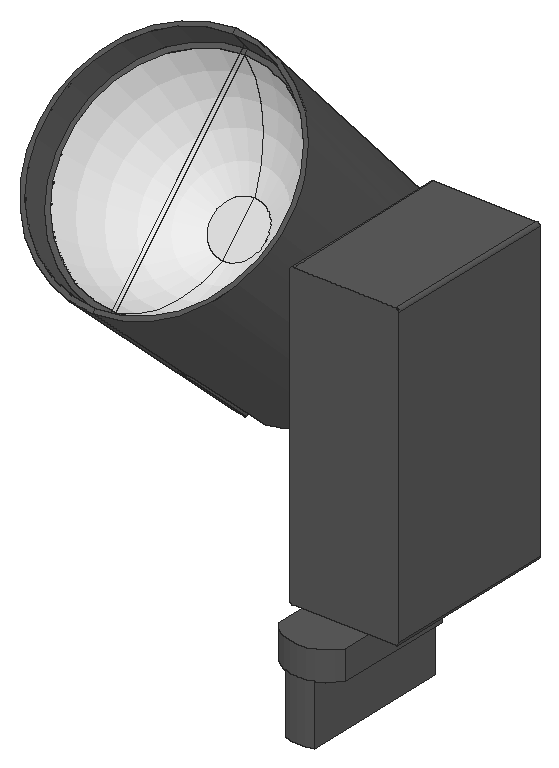
Revit family "0004844 Feilo Sylvania Lighting Fixture START TRACK SPOT L 55W 3K RA80 NB BLACK", category Lighting Fixtures, host Face, Revit 2017
Family settings
  Host = Face
  Round Connector Dimension = Use Diameter
  Part Type = Normal
  OmniClass Number = 23.80.70.00
  OmniClass Title = Lighting
  Cut with Voids When Loaded = No
  Light Source = No
  Shared = No
  Room Calculation Point = No
Parameters (values of type "0004844 START TRACK SPOT L 55W 3K RA80 NB BLACK")
  Weight = "1.398 kg"
  Wattage Comments = ""
  WarrantyStartDate [instance] = "n/a"
  WarrantyGuarantorParts = "n/a"
  WarrantyDurationUnit = "n/a"
  WarrantyDurationParts = "n/a"
  WarrantyDescription = "n/a"
  Voltage = 230 V
  URL = "http://www.sylvania-lighting.com"
  TypeName = "START TRACK SPOT L 55W 3K RA80 NB BLACK"
  TypeHead_FEILO = Start Track Spot Head : 0004844 START TRACK SPOT L 55W 3K RA80 NB BLACK
  TypeBox_FEILO = Start Track Spot Box : Type Large Black
  Type Image = <None>
  Type Comments = "n/a"
  VerticalRotation_FEILO [instance] = 0.00°
  SlideEndAngle_FEILO [instance] = VerticalRotation_FEILO + 180.00°  # 180.00°
  SerialNumber [instance] = "n/a"
  Material_3_FEILO = none
  PowerFactor = 0.96
  PowerConsumption = "55 W"
  NominalLength = 0 mm
  NominalHeight = 240 mm
  NominalDepth = 164 mm
  Name = "START TRACK SPOT L 55W 3K RA80 NB BLACK"
  ModelReference = Name  # "START TRACK SPOT L 55W 3K RA80 NB BLACK"
  ModelNumber = "0004844"
  Model = Name  # "START TRACK SPOT L 55W 3K RA80 NB BLACK"
  Material = "adc12 aluminium housing, polycarbonate diffuser"
  ManufacturerName = "Feilo Sylvania"
  Manufacturer = "Feilo Sylvania"
  LuminousEfficacy = "99 lm/W"
  LuminaireType = ""
  LightOutputRatio = "100"
  LampsType = Lamp  # "LED"
  LampNominalLuminous = "5449 lm"
  LampMacAdamStep = "3"
  LampColourTemperature = "3000 K"
  LampColourRenderingIndex = "80"
  Lamp = "LED"
  Keynote = "16500"
  InstallationDate [instance] = "n/a"
  InputVoltage = "230-240V~"
  InputNominalFrequency = "50/60 Hz"
  IngressProtection = "IP20"
  ImpactProtectionIndex = "IK02"
  IfcExportType = "IfcLightFixtureType"
  IfcExportAs = "IfcLightFixtureType"
  HorizontalRotation_FEILO [instance] = 45.00°
  ExpectedLife = 50000
  ElectricShockClassification = "Class II"
  DurationUnit = "hours"
  DocumentationLiterature = "http://www.sylvania-lighting.com/product/en-int/products/0004844"
  DimmingControlOptions = "Non dimmable"
  Material_2_FEILO = none
  Description = "Integrated LED spotlight, Textured Black - RAL9005, compact and minimalist design, ideal for retail applications, die-cast aluminium body, passive cooling heatsink. Beam angle: 15°, color temperature: 3000K , total system power: 55W, total fixture output: 5449 lm, LOR: 100%, colour rendering: Ra: 80 typical, LED Chromaticity: 3 step MacAdam ellipse, lifetime: >50000 hours at L70B50, energy class: A++, A+, A, IR/UV free light source without heat radiation, operating voltage: 220-240V / 50-60Hz, drive current: 1400mA, electronic driver, non-dimmable, power factor: 0.96, electrical protection: Class II, Global Track 3 Phase adapter suitable for Global trac 3-circuit tracks, ingress protection rating: IP20, suitable for internal environment only, horizontal rotation: 355°, vertical tilt: 90°, dimensions: Ø113x164x240, weight: 1.398kg."
  Default Elevation = 1219.2 mm
  CreatedOn = "12/12/2017"
  CreatedBy = ""
  Cost = 0
  built-in parameter 1114216 [instance] = (empty or 0)
  ClassificationValue = "EF_70_80"
  ClassificationName = "Uniclass2015"
  Material_1_FEILO = Body-Sylvania-StartTrackSpot-Black
  BarCode [instance] = "n/a"
  AssetType = "Fixed"
  AssetIdentifier [instance] = "n/a"
  Assembly Code = "D5020200"
  Apparent Load = 55 VA
  Material_4_FEILO = none
Reference planes
  plane 1 "Center (Front/Back)": y = 0
  plane 2: z = 0
  plane 3 "Center (Left/Right)": x = 0
  plane 4: x = 15
  plane 5: x = -15
  plane 6: y = 35
  plane 7: y = -35
  plane 8: z = 13
  plane 9: z = -27
  plane 10: x = 6.5
  plane 11: x = -6.5
  plane 12: y = 27
  plane 13: y = -27
  plane 14: y = 20
Forms (mm)
  Extrusion 1, solid, material "Body-Sylvania-StartTrackSpot-Black" <- "Material_1_FEILO"
    sketch origin (0, 0, 0) x (1, 0, 0) y (0, 1, 0)
      loop
        line (-15, 27) -> (-15, -27)
        arc (-15, -27) -> (0, -35) -> (15, -27) r 18.062
        line (15, -27) -> (15, 27)
        arc (15, 27) -> (0, 35) -> (-15, 27) r 18.062
    from 0 to 13
  Extrusion 2, solid, material "Body-Sylvania-StartTrackSpot-Black" <- "Material_1_FEILO"
    sketch origin (0, 0, 0) x (1, 0, 0) y (0, 1, 0)
      loop
        arc (6.5, 33.79) -> (0, 35) -> (-6.5, 33.79) r 18.062
        line (-6.5, 33.79) -> (-6.5, -33.79)
        arc (-6.5, -33.79) -> (0, -35) -> (6.5, -33.79) r 18.062
        line (6.5, -33.79) -> (6.5, 33.79)
    from 0 to -27
  Revolve 3, solid, not visible
    sketch origin (1524, 20, 1219.2) x (1, 0, 0) y (0, 0, 1)
      loop
        line (-1524, -1206.2) -> (-1524, -1191.285) -> (-1530.5, -1191.285) -> (-1530.5, -1206.2) -> (-1524, -1206.2)
      axis (-1524, -1191.285) -> (-1524, -1206.2)
    angle from 0 <- "VerticalRotation_FEILO" to 180 <- "SlideEndAngle_FEILO"
Cuts and joins
  joined: Extrusion 1, Extrusion 2
Dimensions and locks
  equal spacing: plane 10, plane 3 "Center (Left/Right)", plane 11
  equal spacing: plane 4, plane 3 "Center (Left/Right)", plane 5
  locked: plane 8 to plane 2 at 13
  locked: plane 8 to plane 9 at 40
  equal spacing: plane 13, plane 1 "Center (Front/Back)", plane 12
  locked: plane 12 to plane 6 at 8
  locked: plane 14 to plane 6 at 15
  locked: Revolve 3 sketch curve to plane 8 at 14.915
  aligned and locked: plane 2 to host face
  aligned and locked: level to host face
  aligned and locked: plane 5 to Extrusion 1 sketch curve  (x2)
  aligned and locked: plane 12 to Extrusion 1 sketch curve
  aligned and locked: plane 13 to Extrusion 1 sketch curve
  aligned and locked: plane 4 to Extrusion 1 sketch curve
  aligned and locked: Extrusion 1 to plane 8
  aligned and locked: Extrusion 1 to level
  aligned and locked: Extrusion 2 sketch curve to Extrusion 1  (x2)
  aligned and locked: Extrusion 2 sketch curve to plane 11
  aligned and locked: plane 10 to Extrusion 2 sketch curve
  aligned and locked: plane 9 to Extrusion 2
  aligned and locked: level to Extrusion 2
  aligned and locked: Revolve 3 sketch curve to plane 3 "Center (Left/Right)"  (x2)
  aligned and locked: plane 11 to Revolve 3 sketch curve
  aligned and locked: Revolve 3 sketch curve to plane 8
Automatic sketch dimensions
  host sketch curve to host sketch curve = 2438.4 mm  (x2)
  Extrusion 1 sketch curve to plane 3 "Center (Left/Right)" = 0 mm  (x2)
  Extrusion 1 sketch curve to plane 13 = 10.062 mm
  plane 12 to Extrusion 1 sketch curve = 10.062 mm
  Revolve 3 sketch curve to plane 3 "Center (Left/Right)" = 0 mm
  plane 9 to Revolve 3 sketch curve = 582.6 mm
  Revolve 3 sketch curve to Revolve 3 sketch curve = 2581.144 mm
Nested families
  nested 1: "Start Track Spot Head" at (-75.5, 20, 133) x (0, 0.7071, 0.7071) z (0, 0.7071, -0.7071), type <- "TypeHead_FEILO", type "0004844 START TRACK SPOT L 55W 3K RA80 NB BLACK"
    with built-in parameter 1114216 (empty or 0)
  nested 2: "Start Track Spot Box" at (8.5, 20, 85) x (-1, 0, 0) z (0, -1, 0), BoxStartAngle_FEILO <- "HorizontalRotation_FEILO", type <- "TypeBox_FEILO", type "Type Large Black"
    with BoxStartAngle_FEILO 45.00°, BoxEndAngle_FEILO -135.00°
Connectors
  electrical at (0, 0, 0), driven by "Apparent Load", driven by "PowerFactor", driven by "Voltage"
    settings: index 1, voltage 230 V, apparent load 55 VA, apparent load phase1 0 VA, apparent load phase2 0 VA, apparent load phase3 0 VA, power factor 0.96, load classification "Lighting", number of poles 1, system type 30, power factor state 1, is connector primary yes, connector utility no, sub classification motor no, connector description ""
Definition of nested family "Start Track Spot Head"
  Parameters (values of type "0004811 START TRACK SPOT S 14W 3K RA80 NB WHITE")
    Wattage Comments = "n/a"
    Wattage = 14 W
    built-in parameter 1150110 = 1 (stored number, unit not read)
    URL = "http://www.feilosylvania.com"
    Type Image = (empty or 0)
    Type Comments = "n/a"
    built-in parameter 1114217 = 1 (stored number, unit not read)
    Tilt Angle = -90.00°
    built-in parameter 1150109 = 1 (stored number, unit not read)
    built-in parameter 1150134 = (empty or 0)
    built-in parameter 1150113 = 1 (stored number, unit not read)
    Photometric Web File = "0004811.ies"
    Material_3_FEILO = none
    Model = "START TRACK SPOT S 14W 3K RA80 NB WHITE"
    Manufacturer = "Feilo Sylvania"
    built-in parameter 1150105 = 123.66 (stored number, unit not read)
    Lumens = 1554 lm
    built-in parameter 1150115 = 1 (stored number, unit not read)
    built-in parameter 1150137 = (empty or 0)
    built-in parameter 1150139 = (empty or 0)
    built-in parameter 1150112 = 1 (stored number, unit not read)
    built-in parameter 1150114 = 1 (stored number, unit not read)
    Lamp = "LED"
    Keynote = "16500"
    Material_2_FEILO = none
    built-in parameter 1150132 = (empty or 0)
    built-in parameter 1150102 = (empty or 0)
    built-in parameter 1150107 = 3000 (stored number, unit not read)
    built-in parameter 1150138 = (empty or 0)
    built-in parameter 1150106 = 1.2366 (stored number, unit not read)
    HeadThickness_FEILO = if(HeadDiaOut_FEILO > 112 mm, 2 mm, 1.5 mm)  # 1.5 mm
    HeadRibOffset_FEILO = HeadHeight_FEILO / 28  # 4.179 mm
    HeadRibDepth_FEILO = HeadHeight_FEILO / 2.1  # 55.714 mm
    HeadRibCutWidth_FEILO = HeadDiaOut_FEILO / 12  # 7.167 mm
    HeadRibCutOffset_FEILO = HeadHeight_FEILO / 2.3  # 50.87 mm
    HeadReflectorRadius_FEILO = HeadDiaOut_FEILO / 1.7  # 50.588 mm
    HeadReflectorOffset_FEILO = HeadHeight_FEILO / 2.1  # 55.714 mm
    HeadLEDRadius_FEILO = HeadDiaOut_FEILO / 9  # 9.556 mm
    HeadHeight_FEILO = 117 mm
    HeadDraft_FEILO = 1 mm
    HeadDiffusorThickness_FEILO = 3 mm
    HeadDiffusorOffset_FEILO = HeadHeight_FEILO / 12.4  # 9.435 mm
    HeadDiaOut_FEILO = 86 mm
    HeadDiaIn_FEILO = HeadDiaOut_FEILO / 1.11  # 77.477 mm
    HeadAxisFromTop_FEILO = HeadHeight_FEILO / 1.687  # 69.354 mm
    Emit from Circle Diameter = HeadDiaIn_FEILO  # 77.477 mm
    Emit Shape Visible in Rendering = no
    built-in parameter 1150104 = 10.312 (stored number, unit not read)
    Dimming Lamp Color Temperature Shift = (empty or 0)
    Description = "Integrated LED spotlight, Textured White - RAL9016, compact and minimalist design, ideal for retail applications, die-cast aluminium body, passive cooling heatsink. Beam angle: 12°, color temperature: 3000K , total system power: 14W, total fixture output: 1551 lm, LOR: 100%, colour rendering: Ra: 80 typical, LED Chromaticity: 3 step MacAdam ellipse, lifetime: >50000 hours at L70B50, energy class: A++, A+, A, IR/UV free light source without heat radiation, operating voltage: 220-240V / 50-60Hz, drive current: 350mA, electronic driver, non-dimmable, power factor: 0.92, electrical protection: Class II, Global Track 3 Phase adapter suitable for Global trac 3-circuit tracks, ingress protection rating: IP20, suitable for internal environment only, horizontal rotation: 355°, vertical tilt: 90°, dimensions: Ø86x140x200, weight: 0.940kg."
    Default Elevation = 1219.2 mm
    Cost = 0
    Color Filter = 16777215
    built-in parameter 1114216 [instance] = (empty or 0)
    Material_1_FEILO = none
    built-in parameter 1114218 = 1 (stored number, unit not read)
    built-in parameter 1150133 = 10 (stored number, unit not read)
    Assembly Code = "D5020200"
    Apparent Load = 14 VA
    Material_4_FEILO = none
  Types (96, lengths in mm): name | Wattage | built-in parameter 1150134 | Photometric Web File | Model | built-in parameter 1150105 | Lumens | built-in parameter 1150107 | built-in parameter 1150106 | HeadThickness_FEILO | HeadRibOffset_FEILO | HeadRibDepth_FEILO | HeadRibCutWidth_FEILO | HeadRibCutOffset_FEILO | HeadReflectorRadius_FEILO | HeadReflectorOffset_FEILO | HeadLEDRadius_FEILO | HeadHeight_FEILO | HeadDiffusorOffset_FEILO | HeadDiaOut_FEILO | HeadDiaIn_FEILO | HeadAxisFromTop_FEILO | Emit from Circle Diameter | built-in parameter 1150104 | Description | Apparent Load
    0004906 START TRACK SPOT L 55W 4K RA90 WB BLACK | 55 W | 12 | "0004906.ies" | "START TRACK SPOT L 55W 4K RA90 WB BLACK" | 385.15 (stored number, unit not read) | 4840 lm | 4000 (stored number, unit not read) | 3.8515 (stored number, unit not read) | 2 | 4.429 | 59.048 | 9.417 | 53.913 | 66.471 | 59.048 | 12.556 | 124 | 10 | 113 | 101.802 | 73.503 | 101.802 | 8.1755 (stored number, unit not read) | "Integrated LED spotlight, Textured Black - RAL9005, compact and minimalist design, ideal for retail applications, die-cast aluminium body, passive cooling heatsink. Beam angle: 52°, color temperature: 4000K , total system power: 55W, total fixture output: 4824 lm, LOR: 100%, colour rendering: Ra: 90 typical, LED Chromaticity: 3 step MacAdam ellipse, lifetime: >50000 hours at L70B50, energy class: A++, A+, A, IR/UV free light source without heat radiation, operating voltage: 220-240V / 50-60Hz, drive current: 1400mA, electronic driver, non-dimmable, power factor: 0.96, electrical protection: Class II, Global Track 3 Phase adapter suitable for Global trac 3-circuit tracks, ingress protection rating: IP20, suitable for internal environment only, horizontal rotation: 355°, vertical tilt: 90°, dimensions: Ø113x164x240, weight: 1.398kg." | 55 VA
    0004905 START TRACK SPOT L 55W 4K RA90 MB BLACK | 55 W | 12 | "0004905.ies" | "START TRACK SPOT L 55W 4K RA90 MB BLACK" | 389.53 (stored number, unit not read) | 4895 lm | 4000 (stored number, unit not read) | 3.8953 (stored number, unit not read) | 2 | 4.429 | 59.048 | 9.417 | 53.913 | 66.471 | 59.048 | 12.556 | 124 | 10 | 113 | 101.802 | 73.503 | 101.802 | 8.2684 (stored number, unit not read) | "Integrated LED spotlight, Textured Black - RAL9005, compact and minimalist design, ideal for retail applications, die-cast aluminium body, passive cooling heatsink. Beam angle: 38°, color temperature: 4000K , total system power: 55W, total fixture output: 4897 lm, LOR: 100%, colour rendering: Ra: 90 typical, LED Chromaticity: 3 step MacAdam ellipse, lifetime: >50000 hours at L70B50, energy class: A++, A+, A, IR/UV free light source without heat radiation, operating voltage: 220-240V / 50-60Hz, drive current: 1400mA, electronic driver, non-dimmable, power factor: 0.96, electrical protection: Class II, Global Track 3 Phase adapter suitable for Global trac 3-circuit tracks, ingress protection rating: IP20, suitable for internal environment only, horizontal rotation: 355°, vertical tilt: 90°, dimensions: Ø113x164x240, weight: 1.398kg." | 55 VA
    0004904 START TRACK SPOT L 55W 4K RA90 NB BLACK | 55 W | 12 | "0004904.ies" | "START TRACK SPOT L 55W 4K RA90 NB BLACK" | 393.91 (stored number, unit not read) | 4950 lm | 4000 (stored number, unit not read) | 3.9391 (stored number, unit not read) | 2 | 4.429 | 59.048 | 9.417 | 53.913 | 66.471 | 59.048 | 12.556 | 124 | 10 | 113 | 101.802 | 73.503 | 101.802 | 8.3613 (stored number, unit not read) | "Integrated LED spotlight, Textured Black - RAL9005, compact and minimalist design, ideal for retail applications, die-cast aluminium body, passive cooling heatsink. Beam angle: 15°, color temperature: 4000K , total system power: 55W, total fixture output: 4965 lm, LOR: 100%, colour rendering: Ra: 90 typical, LED Chromaticity: 3 step MacAdam ellipse, lifetime: >50000 hours at L70B50, energy class: A++, A+, A, IR/UV free light source without heat radiation, operating voltage: 220-240V / 50-60Hz, drive current: 1400mA, electronic driver, non-dimmable, power factor: 0.96, electrical protection: Class II, Global Track 3 Phase adapter suitable for Global trac 3-circuit tracks, ingress protection rating: IP20, suitable for internal environment only, horizontal rotation: 355°, vertical tilt: 90°, dimensions: Ø113x164x240, weight: 1.398kg." | 55 VA
    0004903 START TRACK SPOT L 35W 4K RA90 WB BLACK | 35 W | 12 | "0004903.ies" | "START TRACK SPOT L 35W 4K RA90 WB BLACK" | 284.09 (stored number, unit not read) | 3570 lm | 4000 (stored number, unit not read) | 2.8409 (stored number, unit not read) | 2 | 4.429 | 59.048 | 9.417 | 53.913 | 66.471 | 59.048 | 12.556 | 124 | 10 | 113 | 101.802 | 73.503 | 101.802 | 9.4761 (stored number, unit not read) | "Integrated LED spotlight, Textured Black - RAL9005, compact and minimalist design, ideal for retail applications, die-cast aluminium body, passive cooling heatsink. Beam angle: 52°, color temperature: 4000K , total system power: 35W, total fixture output: 3562 lm, LOR: 100%, colour rendering: Ra: 90 typical, LED Chromaticity: 3 step MacAdam ellipse, lifetime: >50000 hours at L70B50, energy class: A++, A+, A, IR/UV free light source without heat radiation, operating voltage: 220-240V / 50-60Hz, drive current: 900mA, electronic driver, non-dimmable, power factor: 0.93, electrical protection: Class II, Global Track 3 Phase adapter suitable for Global trac 3-circuit tracks, ingress protection rating: IP20, suitable for internal environment only, horizontal rotation: 355°, vertical tilt: 90°, dimensions: Ø113x164x240, weight: 1.368kg." | 35 VA
    0004902 START TRACK SPOT L 35W 4K RA90 MB BLACK | 35 W | 12 | "0004902.ies" | "START TRACK SPOT L 35W 4K RA90 MB BLACK" | 286.88 (stored number, unit not read) | 3605 lm | 4000 (stored number, unit not read) | 2.8688 (stored number, unit not read) | 2 | 4.429 | 59.048 | 9.417 | 53.913 | 66.471 | 59.048 | 12.556 | 124 | 10 | 113 | 101.802 | 73.503 | 101.802 | 9.569 (stored number, unit not read) | "Integrated LED spotlight, Textured Black - RAL9005, compact and minimalist design, ideal for retail applications, die-cast aluminium body, passive cooling heatsink. Beam angle: 38°, color temperature: 4000K , total system power: 35W, total fixture output: 3616 lm, LOR: 100%, colour rendering: Ra: 90 typical, LED Chromaticity: 3 step MacAdam ellipse, lifetime: >50000 hours at L70B50, energy class: A++, A+, A, IR/UV free light source without heat radiation, operating voltage: 220-240V / 50-60Hz, drive current: 900mA, electronic driver, non-dimmable, power factor: 0.93, electrical protection: Class II, Global Track 3 Phase adapter suitable for Global trac 3-circuit tracks, ingress protection rating: IP20, suitable for internal environment only, horizontal rotation: 355°, vertical tilt: 90°, dimensions: Ø113x164x240, weight: 1.368kg." | 35 VA
    0004901 START TRACK SPOT L 35W 4K RA90 NB BLACK | 35 W | 12 | "0004901.ies" | "START TRACK SPOT L 35W 4K RA90 NB BLACK" | 286.88 (stored number, unit not read) | 3605 lm | 4000 (stored number, unit not read) | 2.8688 (stored number, unit not read) | 2 | 4.429 | 59.048 | 9.417 | 53.913 | 66.471 | 59.048 | 12.556 | 124 | 10 | 113 | 101.802 | 73.503 | 101.802 | 9.569 (stored number, unit not read) | "Integrated LED spotlight, Textured Black - RAL9005, compact and minimalist design, ideal for retail applications, die-cast aluminium body, passive cooling heatsink. Beam angle: 15°, color temperature: 4000K , total system power: 35W, total fixture output: 3593 lm, LOR: 100%, colour rendering: Ra: 90 typical, LED Chromaticity: 3 step MacAdam ellipse, lifetime: >50000 hours at L70B50, energy class: A++, A+, A, IR/UV free light source without heat radiation, operating voltage: 220-240V / 50-60Hz, drive current: 900mA, electronic driver, non-dimmable, power factor: 0.93, electrical protection: Class II, Global Track 3 Phase adapter suitable for Global trac 3-circuit tracks, ingress protection rating: IP20, suitable for internal environment only, horizontal rotation: 355°, vertical tilt: 90°, dimensions: Ø113x164x240, weight: 1.368kg." | 35 VA
    0004900 START TRACK SPOT S 24W 4K RA90 WB BLACK | 24 W | 12 | "0004900.ies" | "START TRACK SPOT S 24W 4K RA90 WB BLACK" | 166.16 (stored number, unit not read) | 2088 lm | 4000 (stored number, unit not read) | 1.6616 (stored number, unit not read) | 1.5 | 4.179 | 55.714 | 7.167 | 50.87 | 50.588 | 55.714 | 9.556 | 117 | 9.435 | 86 | 77.477 | 69.354 | 77.477 | 8.0826 (stored number, unit not read) | "Integrated LED spotlight, Textured Black - RAL9005, compact and minimalist design, ideal for retail applications, die-cast aluminium body, passive cooling heatsink. Beam angle: 64°, color temperature: 4000K , total system power: 24W, total fixture output: 2087 lm, LOR: 100%, colour rendering: Ra: 90 typical, LED Chromaticity: 3 step MacAdam ellipse, lifetime: >50000 hours at L70B50, energy class: A++, A+, A, IR/UV free light source without heat radiation, operating voltage: 220-240V / 50-60Hz, drive current: 600mA, electronic driver, non-dimmable, power factor: 0.95, electrical protection: Class II, Global Track 3 Phase adapter suitable for Global trac 3-circuit tracks, ingress protection rating: IP20, suitable for internal environment only, horizontal rotation: 355°, vertical tilt: 90°, dimensions: Ø86x140x200, weight: 0.966kg." | 24 VA
    0004899 START TRACK SPOT S 24W 4K RA90 MB BLACK | 24 W | 12 | "0004899.ies" | "START TRACK SPOT S 24W 4K RA90 MB BLACK" | 169.98 (stored number, unit not read) | 2136 lm | 4000 (stored number, unit not read) | 1.6998 (stored number, unit not read) | 1.5 | 4.179 | 55.714 | 7.167 | 50.87 | 50.588 | 55.714 | 9.556 | 117 | 9.435 | 86 | 77.477 | 69.354 | 77.477 | 8.2684 (stored number, unit not read) | "Integrated LED spotlight, Textured Black - RAL9005, compact and minimalist design, ideal for retail applications, die-cast aluminium body, passive cooling heatsink. Beam angle: 36°, color temperature: 4000K , total system power: 24W, total fixture output: 2141 lm, LOR: 100%, colour rendering: Ra: 90 typical, LED Chromaticity: 3 step MacAdam ellipse, lifetime: >50000 hours at L70B50, energy class: A++, A+, A, IR/UV free light source without heat radiation, operating voltage: 220-240V / 50-60Hz, drive current: 600mA, electronic driver, non-dimmable, power factor: 0.95, electrical protection: Class II, Global Track 3 Phase adapter suitable for Global trac 3-circuit tracks, ingress protection rating: IP20, suitable for internal environment only, horizontal rotation: 355°, vertical tilt: 90°, dimensions: Ø86x140x200, weight: 0.966kg." | 24 VA
    0004898 START TRACK SPOT S 24W 4K RA90 NB BLACK | 24 W | 12 | "0004898.ies" | "START TRACK SPOT S 24W 4K RA90 NB BLACK" | 171.89 (stored number, unit not read) | 2160 lm | 4000 (stored number, unit not read) | 1.7189 (stored number, unit not read) | 1.5 | 4.179 | 55.714 | 7.167 | 50.87 | 50.588 | 55.714 | 9.556 | 117 | 9.435 | 86 | 77.477 | 69.354 | 77.477 | 8.3613 (stored number, unit not read) | "Integrated LED spotlight, Textured Black - RAL9005, compact and minimalist design, ideal for retail applications, die-cast aluminium body, passive cooling heatsink. Beam angle: 12°, color temperature: 4000K , total system power: 24W, total fixture output: 2155 lm, LOR: 100%, colour rendering: Ra: 90 typical, LED Chromaticity: 3 step MacAdam ellipse, lifetime: >50000 hours at L70B50, energy class: A++, A+, A, IR/UV free light source without heat radiation, operating voltage: 220-240V / 50-60Hz, drive current: 600mA, electronic driver, non-dimmable, power factor: 0.95, electrical protection: Class II, Global Track 3 Phase adapter suitable for Global trac 3-circuit tracks, ingress protection rating: IP20, suitable for internal environment only, horizontal rotation: 355°, vertical tilt: 90°, dimensions: Ø86x140x200, weight: 0.966kg." | 24 VA
    0004897 START TRACK SPOT S 14W 4K RA90 WB BLACK | 14 W | 12 | "0004897.ies" | "START TRACK SPOT S 14W 4K RA90 WB BLACK" | 108.07 (stored number, unit not read) | 1358 lm | 4000 (stored number, unit not read) | 1.0807 (stored number, unit not read) | 1.5 | 4.179 | 55.714 | 7.167 | 50.87 | 50.588 | 55.714 | 9.556 | 117 | 9.435 | 86 | 77.477 | 69.354 | 77.477 | 9.0116 (stored number, unit not read) | "Integrated LED spotlight, Textured Black - RAL9005, compact and minimalist design, ideal for retail applications, die-cast aluminium body, passive cooling heatsink. Beam angle: 64°, color temperature: 4000K , total system power: 14W, total fixture output: 1352 lm, LOR: 100%, colour rendering: Ra: 90 typical, LED Chromaticity: 3 step MacAdam ellipse, lifetime: >50000 hours at L70B50, energy class: A++, A+, A, IR/UV free light source without heat radiation, operating voltage: 220-240V / 50-60Hz, drive current: 350mA, electronic driver, non-dimmable, power factor: 0.92, electrical protection: Class II, Global Track 3 Phase adapter suitable for Global trac 3-circuit tracks, ingress protection rating: IP20, suitable for internal environment only, horizontal rotation: 355°, vertical tilt: 90°, dimensions: Ø86x140x200, weight: 0.940kg." | 14 VA
    0004896 START TRACK SPOT S 14W 4K RA90 MB BLACK | 14 W | 12 | "0004896.ies" | "START TRACK SPOT S 14W 4K RA90 MB BLACK" | 108.07 (stored number, unit not read) | 1358 lm | 4000 (stored number, unit not read) | 1.0807 (stored number, unit not read) | 1.5 | 4.179 | 55.714 | 7.167 | 50.87 | 50.588 | 55.714 | 9.556 | 117 | 9.435 | 86 | 77.477 | 69.354 | 77.477 | 9.0116 (stored number, unit not read) | "Integrated LED spotlight, Textured Black - RAL9005, compact and minimalist design, ideal for retail applications, die-cast aluminium body, passive cooling heatsink. Beam angle: 36°, color temperature: 4000K , total system power: 14W, total fixture output: 1359 lm, LOR: 100%, colour rendering: Ra: 90 typical, LED Chromaticity: 3 step MacAdam ellipse, lifetime: >50000 hours at L70B50, energy class: A++, A+, A, IR/UV free light source without heat radiation, operating voltage: 220-240V / 50-60Hz, drive current: 350mA, electronic driver, non-dimmable, power factor: 0.92, electrical protection: Class II, Global Track 3 Phase adapter suitable for Global trac 3-circuit tracks, ingress protection rating: IP20, suitable for internal environment only, horizontal rotation: 355°, vertical tilt: 90°, dimensions: Ø86x140x200, weight: 0.940kg." | 14 VA
    0004895 START TRACK SPOT S 14W 4K RA90 NB BLACK | 14 W | 12 | "0004895.ies" | "START TRACK SPOT S 14W 4K RA90 NB BLACK" | 106.95 (stored number, unit not read) | 1344 lm | 4000 (stored number, unit not read) | 1.0695 (stored number, unit not read) | 1.5 | 4.179 | 55.714 | 7.167 | 50.87 | 50.588 | 55.714 | 9.556 | 117 | 9.435 | 86 | 77.477 | 69.354 | 77.477 | 8.9187 (stored number, unit not read) | "Integrated LED spotlight, Textured Black - RAL9005, compact and minimalist design, ideal for retail applications, die-cast aluminium body, passive cooling heatsink. Beam angle: 12°, color temperature: 4000K , total system power: 14W, total fixture output: 1349 lm, LOR: 100%, colour rendering: Ra: 90 typical, LED Chromaticity: 3 step MacAdam ellipse, lifetime: >50000 hours at L70B50, energy class: A++, A+, A, IR/UV free light source without heat radiation, operating voltage: 220-240V / 50-60Hz, drive current: 350mA, electronic driver, non-dimmable, power factor: 0.92, electrical protection: Class II, Global Track 3 Phase adapter suitable for Global trac 3-circuit tracks, ingress protection rating: IP20, suitable for internal environment only, horizontal rotation: 355°, vertical tilt: 90°, dimensions: Ø86x140x200, weight: 0.940kg." | 14 VA
    0004894 START TRACK SPOT L 55W 3K RA90 WB BLACK | 55 W | (empty or 0) | "0004894.ies" | "START TRACK SPOT L 55W 3K RA90 WB BLACK" | 350.14 (stored number, unit not read) | 4400 lm | 3000 (stored number, unit not read) | 3.5014 (stored number, unit not read) | 2 | 4.429 | 59.048 | 9.417 | 53.913 | 66.471 | 59.048 | 12.556 | 124 | 10 | 113 | 101.802 | 73.503 | 101.802 | 7.4322 (stored number, unit not read) | "Integrated LED spotlight, Textured Black - RAL9005, compact and minimalist design, ideal for retail applications, die-cast aluminium body, passive cooling heatsink. Beam angle: 52°, color temperature: 3000K , total system power: 55W, total fixture output: 4405 lm, LOR: 100%, colour rendering: Ra: 90 typical, LED Chromaticity: 3 step MacAdam ellipse, lifetime: >50000 hours at L70B50, energy class: A++, A+, A, IR/UV free light source without heat radiation, operating voltage: 220-240V / 50-60Hz, drive current: 1400mA, electronic driver, non-dimmable, power factor: 0.96, electrical protection: Class II, Global Track 3 Phase adapter suitable for Global trac 3-circuit tracks, ingress protection rating: IP20, suitable for internal environment only, horizontal rotation: 355°, vertical tilt: 90°, dimensions: Ø113x164x240, weight: 1.398kg." | 55 VA
    0004893 START TRACK SPOT L 55W 3K RA90 MB BLACK | 55 W | (empty or 0) | "0004893.ies" | "START TRACK SPOT L 55W 3K RA90 MB BLACK" | 354.52 (stored number, unit not read) | 4455 lm | 3000 (stored number, unit not read) | 3.5452 (stored number, unit not read) | 2 | 4.429 | 59.048 | 9.417 | 53.913 | 66.471 | 59.048 | 12.556 | 124 | 10 | 113 | 101.802 | 73.503 | 101.802 | 7.5251 (stored number, unit not read) | "Integrated LED spotlight, Textured Black - RAL9005, compact and minimalist design, ideal for retail applications, die-cast aluminium body, passive cooling heatsink. Beam angle: 38°, color temperature: 3000K , total system power: 55W, total fixture output: 4448 lm, LOR: 100%, colour rendering: Ra: 90 typical, LED Chromaticity: 3 step MacAdam ellipse, lifetime: >50000 hours at L70B50, energy class: A++, A+, A, IR/UV free light source without heat radiation, operating voltage: 220-240V / 50-60Hz, drive current: 1400mA, electronic driver, non-dimmable, power factor: 0.96, electrical protection: Class II, Global Track 3 Phase adapter suitable for Global trac 3-circuit tracks, ingress protection rating: IP20, suitable for internal environment only, horizontal rotation: 355°, vertical tilt: 90°, dimensions: Ø113x164x240, weight: 1.398kg." | 55 VA
    0004892 START TRACK SPOT L 55W 3K RA90 NB BLACK | 55 W | (empty or 0) | "0004892.ies" | "START TRACK SPOT L 55W 3K RA90 NB BLACK" | 350.14 (stored number, unit not read) | 4400 lm | 3000 (stored number, unit not read) | 3.5014 (stored number, unit not read) | 2 | 4.429 | 59.048 | 9.417 | 53.913 | 66.471 | 59.048 | 12.556 | 124 | 10 | 113 | 101.802 | 73.503 | 101.802 | 7.4322 (stored number, unit not read) | "Integrated LED spotlight, Textured Black - RAL9005, compact and minimalist design, ideal for retail applications, die-cast aluminium body, passive cooling heatsink. Beam angle: 15°, color temperature: 3000K , total system power: 55W, total fixture output: 4416 lm, LOR: 100%, colour rendering: Ra: 90 typical, LED Chromaticity: 3 step MacAdam ellipse, lifetime: >50000 hours at L70B50, energy class: A++, A+, A, IR/UV free light source without heat radiation, operating voltage: 220-240V / 50-60Hz, drive current: 1400mA, electronic driver, non-dimmable, power factor: 0.96, electrical protection: Class II, Global Track 3 Phase adapter suitable for Global trac 3-circuit tracks, ingress protection rating: IP20, suitable for internal environment only, horizontal rotation: 355°, vertical tilt: 90°, dimensions: Ø113x164x240, weight: 1.398kg." | 55 VA
    0004891 START TRACK SPOT L 35W 3K RA90 WB BLACK | 35 W | (empty or 0) | "0004891.ies" | "START TRACK SPOT L 35W 3K RA90 WB BLACK" | 259.02 (stored number, unit not read) | 3255 lm | 3000 (stored number, unit not read) | 2.5902 (stored number, unit not read) | 2 | 4.429 | 59.048 | 9.417 | 53.913 | 66.471 | 59.048 | 12.556 | 124 | 10 | 113 | 101.802 | 73.503 | 101.802 | 8.64 (stored number, unit not read) | "Integrated LED spotlight, Textured Black - RAL9005, compact and minimalist design, ideal for retail applications, die-cast aluminium body, passive cooling heatsink. Beam angle: 52°, color temperature: 3000K , total system power: 35W, total fixture output: 3260 lm, LOR: 100%, colour rendering: Ra: 90 typical, LED Chromaticity: 3 step MacAdam ellipse, lifetime: >50000 hours at L70B50, energy class: A++, A+, A, IR/UV free light source without heat radiation, operating voltage: 220-240V / 50-60Hz, drive current: 900mA, electronic driver, non-dimmable, power factor: 0.93, electrical protection: Class II, Global Track 3 Phase adapter suitable for Global trac 3-circuit tracks, ingress protection rating: IP20, suitable for internal environment only, horizontal rotation: 355°, vertical tilt: 90°, dimensions: Ø113x164x240, weight: 1.368kg." | 35 VA
    0004890 START TRACK SPOT L 35W 3K RA90 MB BLACK | 35 W | (empty or 0) | "0004890.ies" | "START TRACK SPOT L 35W 3K RA90 MB BLACK" | 261.81 (stored number, unit not read) | 3290 lm | 3000 (stored number, unit not read) | 2.6181 (stored number, unit not read) | 2 | 4.429 | 59.048 | 9.417 | 53.913 | 66.471 | 59.048 | 12.556 | 124 | 10 | 113 | 101.802 | 73.503 | 101.802 | 8.7329 (stored number, unit not read) | "Integrated LED spotlight, Textured Black - RAL9005, compact and minimalist design, ideal for retail applications, die-cast aluminium body, passive cooling heatsink. Beam angle: 38°, color temperature: 3000K , total system power: 35W, total fixture output: 3306 lm, LOR: 100%, colour rendering: Ra: 90 typical, LED Chromaticity: 3 step MacAdam ellipse, lifetime: >50000 hours at L70B50, energy class: A++, A+, A, IR/UV free light source without heat radiation, operating voltage: 220-240V / 50-60Hz, drive current: 900mA, electronic driver, non-dimmable, power factor: 0.93, electrical protection: Class II, Global Track 3 Phase adapter suitable for Global trac 3-circuit tracks, ingress protection rating: IP20, suitable for internal environment only, horizontal rotation: 355°, vertical tilt: 90°, dimensions: Ø113x164x240, weight: 1.368kg." | 35 VA
    0004889 START TRACK SPOT L 35W 3K RA90 NB BLACK | 35 W | (empty or 0) | "0004889.ies" | "START TRACK SPOT L 35W 3K RA90 NB BLACK" | 261.81 (stored number, unit not read) | 3290 lm | 3000 (stored number, unit not read) | 2.6181 (stored number, unit not read) | 2 | 4.429 | 59.048 | 9.417 | 53.913 | 66.471 | 59.048 | 12.556 | 124 | 10 | 113 | 101.802 | 73.503 | 101.802 | 8.7329 (stored number, unit not read) | "Integrated LED spotlight, Textured Black - RAL9005, compact and minimalist design, ideal for retail applications, die-cast aluminium body, passive cooling heatsink. Beam angle: 15°, color temperature: 3000K , total system power: 35W, total fixture output: 3287 lm, LOR: 100%, colour rendering: Ra: 90 typical, LED Chromaticity: 3 step MacAdam ellipse, lifetime: >50000 hours at L70B50, energy class: A++, A+, A, IR/UV free light source without heat radiation, operating voltage: 220-240V / 50-60Hz, drive current: 900mA, electronic driver, non-dimmable, power factor: 0.93, electrical protection: Class II, Global Track 3 Phase adapter suitable for Global trac 3-circuit tracks, ingress protection rating: IP20, suitable for internal environment only, horizontal rotation: 355°, vertical tilt: 90°, dimensions: Ø113x164x240, weight: 1.368kg." | 35 VA
    0004888 START TRACK SPOT S 24W 3K RA90 WB BLACK | 24 W | (empty or 0) | "0004888.ies" | "START TRACK SPOT S 24W 3K RA90 WB BLACK" | 152.79 (stored number, unit not read) | 1920 lm | 3000 (stored number, unit not read) | 1.5279 (stored number, unit not read) | 1.5 | 4.179 | 55.714 | 7.167 | 50.87 | 50.588 | 55.714 | 9.556 | 117 | 9.435 | 86 | 77.477 | 69.354 | 77.477 | 7.4322 (stored number, unit not read) | "Integrated LED spotlight, Textured Black - RAL9005, compact and minimalist design, ideal for retail applications, die-cast aluminium body, passive cooling heatsink. Beam angle: 64°, color temperature: 3000K , total system power: 24W, total fixture output: 1928 lm, LOR: 100%, colour rendering: Ra: 90 typical, LED Chromaticity: 3 step MacAdam ellipse, lifetime: >50000 hours at L70B50, energy class: A++, A+, A, IR/UV free light source without heat radiation, operating voltage: 220-240V / 50-60Hz, drive current: 600mA, electronic driver, non-dimmable, power factor: 0.95, electrical protection: Class II, Global Track 3 Phase adapter suitable for Global trac 3-circuit tracks, ingress protection rating: IP20, suitable for internal environment only, horizontal rotation: 355°, vertical tilt: 90°, dimensions: Ø86x140x200, weight: 0.966kg." | 24 VA
    0004887 START TRACK SPOT S 24W 3K RA90 MB BLACK | 24 W | (empty or 0) | "0004887.ies" | "START TRACK SPOT S 24W 3K RA90 MB BLACK" | 154.7 (stored number, unit not read) | 1944 lm | 3000 (stored number, unit not read) | 1.547 (stored number, unit not read) | 1.5 | 4.179 | 55.714 | 7.167 | 50.87 | 50.588 | 55.714 | 9.556 | 117 | 9.435 | 86 | 77.477 | 69.354 | 77.477 | 7.5251 (stored number, unit not read) | "Integrated LED spotlight, Textured Black - RAL9005, compact and minimalist design, ideal for retail applications, die-cast aluminium body, passive cooling heatsink. Beam angle: 36°, color temperature: 3000K , total system power: 24W, total fixture output: 1944 lm, LOR: 100%, colour rendering: Ra: 90 typical, LED Chromaticity: 3 step MacAdam ellipse, lifetime: >50000 hours at L70B50, energy class: A++, A+, A, IR/UV free light source without heat radiation, operating voltage: 220-240V / 50-60Hz, drive current: 600mA, electronic driver, non-dimmable, power factor: 0.95, electrical protection: Class II, Global Track 3 Phase adapter suitable for Global trac 3-circuit tracks, ingress protection rating: IP20, suitable for internal environment only, horizontal rotation: 355°, vertical tilt: 90°, dimensions: Ø86x140x200, weight: 0.966kg." | 24 VA
    0004886 START TRACK SPOT S 24W 3K RA90 NB BLACK | 24 W | (empty or 0) | "0004886.ies" | "START TRACK SPOT S 24W 3K RA90 NB BLACK" | 158.52 (stored number, unit not read) | 1992 lm | 3000 (stored number, unit not read) | 1.5852 (stored number, unit not read) | 1.5 | 4.179 | 55.714 | 7.167 | 50.87 | 50.588 | 55.714 | 9.556 | 117 | 9.435 | 86 | 77.477 | 69.354 | 77.477 | 7.711 (stored number, unit not read) | "Integrated LED spotlight, Textured Black - RAL9005, compact and minimalist design, ideal for retail applications, die-cast aluminium body, passive cooling heatsink. Beam angle: 12°, color temperature: 3000K , total system power: 24W, total fixture output: 1987 lm, LOR: 100%, colour rendering: Ra: 90 typical, LED Chromaticity: 3 step MacAdam ellipse, lifetime: >50000 hours at L70B50, energy class: A++, A+, A, IR/UV free light source without heat radiation, operating voltage: 220-240V / 50-60Hz, drive current: 600mA, electronic driver, non-dimmable, power factor: 0.95, electrical protection: Class II, Global Track 3 Phase adapter suitable for Global trac 3-circuit tracks, ingress protection rating: IP20, suitable for internal environment only, horizontal rotation: 355°, vertical tilt: 90°, dimensions: Ø86x140x200, weight: 0.966kg." | 24 VA
    0004885 START TRACK SPOT S 14W 3K RA90 WB BLACK | 14 W | (empty or 0) | "0004885.ies" | "START TRACK SPOT S 14W 3K RA90 WB BLACK" | 100.27 (stored number, unit not read) | 1260 lm | 3000 (stored number, unit not read) | 1.0027 (stored number, unit not read) | 1.5 | 4.179 | 55.714 | 7.167 | 50.87 | 50.588 | 55.714 | 9.556 | 117 | 9.435 | 86 | 77.477 | 69.354 | 77.477 | 8.3613 (stored number, unit not read) | "Integrated LED spotlight, Textured Black - RAL9005, compact and minimalist design, ideal for retail applications, die-cast aluminium body, passive cooling heatsink. Beam angle: 64°, color temperature: 3000K , total system power: 14W, total fixture output: 1262 lm, LOR: 100%, colour rendering: Ra: 90 typical, LED Chromaticity: 3 step MacAdam ellipse, lifetime: >50000 hours at L70B50, energy class: A++, A+, A, IR/UV free light source without heat radiation, operating voltage: 220-240V / 50-60Hz, drive current: 350mA, electronic driver, non-dimmable, power factor: 0.92, electrical protection: Class II, Global Track 3 Phase adapter suitable for Global trac 3-circuit tracks, ingress protection rating: IP20, suitable for internal environment only, horizontal rotation: 355°, vertical tilt: 90°, dimensions: Ø86x140x200, weight: 0.940kg." | 14 VA
    0004884 START TRACK SPOT S 14W 3K RA90 MB BLACK | 14 W | (empty or 0) | "0004884.ies" | "START TRACK SPOT S 14W 3K RA90 MB BLACK" | 100.27 (stored number, unit not read) | 1260 lm | 3000 (stored number, unit not read) | 1.0027 (stored number, unit not read) | 1.5 | 4.179 | 55.714 | 7.167 | 50.87 | 50.588 | 55.714 | 9.556 | 117 | 9.435 | 86 | 77.477 | 69.354 | 77.477 | 8.3613 (stored number, unit not read) | "Integrated LED spotlight, Textured Black - RAL9005, compact and minimalist design, ideal for retail applications, die-cast aluminium body, passive cooling heatsink. Beam angle: 36°, color temperature: 3000K , total system power: 14W, total fixture output: 1262 lm, LOR: 100%, colour rendering: Ra: 90 typical, LED Chromaticity: 3 step MacAdam ellipse, lifetime: >50000 hours at L70B50, energy class: A++, A+, A, IR/UV free light source without heat radiation, operating voltage: 220-240V / 50-60Hz, drive current: 350mA, electronic driver, non-dimmable, power factor: 0.92, electrical protection: Class II, Global Track 3 Phase adapter suitable for Global trac 3-circuit tracks, ingress protection rating: IP20, suitable for internal environment only, horizontal rotation: 355°, vertical tilt: 90°, dimensions: Ø86x140x200, weight: 0.940kg." | 14 VA
    0004883 START TRACK SPOT S 14W 3K RA90 NB BLACK | 14 W | (empty or 0) | "0004883.ies" | "START TRACK SPOT S 14W 3K RA90 NB BLACK" | 102.5 (stored number, unit not read) | 1288 lm | 3000 (stored number, unit not read) | 1.025 (stored number, unit not read) | 1.5 | 4.179 | 55.714 | 7.167 | 50.87 | 50.588 | 55.714 | 9.556 | 117 | 9.435 | 86 | 77.477 | 69.354 | 77.477 | 8.5471 (stored number, unit not read) | "Integrated LED spotlight, Textured Black - RAL9005, compact and minimalist design, ideal for retail applications, die-cast aluminium body, passive cooling heatsink. Beam angle: 12°, color temperature: 3000K , total system power: 14W, total fixture output: 1284 lm, LOR: 100%, colour rendering: Ra: 90 typical, LED Chromaticity: 3 step MacAdam ellipse, lifetime: >50000 hours at L70B50, energy class: A++, A+, A, IR/UV free light source without heat radiation, operating voltage: 220-240V / 50-60Hz, drive current: 350mA, electronic driver, non-dimmable, power factor: 0.92, electrical protection: Class II, Global Track 3 Phase adapter suitable for Global trac 3-circuit tracks, ingress protection rating: IP20, suitable for internal environment only, horizontal rotation: 355°, vertical tilt: 90°, dimensions: Ø86x140x200, weight: 0.940kg." | 14 VA
    0004882 START TRACK SPOT L 55W 4K RA90 WB WHITE | 55 W | 12 | "0004882.ies" | "START TRACK SPOT L 55W 4K RA90 WB WHITE" | 385.15 (stored number, unit not read) | 4840 lm | 4000 (stored number, unit not read) | 3.8515 (stored number, unit not read) | 2 | 4.429 | 59.048 | 9.417 | 53.913 | 66.471 | 59.048 | 12.556 | 124 | 10 | 113 | 101.802 | 73.503 | 101.802 | 8.1755 (stored number, unit not read) | "Integrated LED spotlight, Textured White - RAL9016, compact and minimalist design, ideal for retail applications, die-cast aluminium body, passive cooling heatsink. Beam angle: 52°, color temperature: 4000K , total system power: 55W, total fixture output: 4824 lm, LOR: 100%, colour rendering: Ra: 90 typical, LED Chromaticity: 3 step MacAdam ellipse, lifetime: >50000 hours at L70B50, energy class: A++, A+, A, IR/UV free light source without heat radiation, operating voltage: 220-240V / 50-60Hz, drive current: 1400mA, electronic driver, non-dimmable, power factor: 0.96, electrical protection: Class II, Global Track 3 Phase adapter suitable for Global trac 3-circuit tracks, ingress protection rating: IP20, suitable for internal environment only, horizontal rotation: 355°, vertical tilt: 90°, dimensions: Ø113x164x240, weight: 1.398kg." | 55 VA
    0004881 START TRACK SPOT L 55W 4K RA90 MB WHITE | 55 W | 12 | "0004881.ies" | "START TRACK SPOT L 55W 4K RA90 MB WHITE" | 389.53 (stored number, unit not read) | 4895 lm | 4000 (stored number, unit not read) | 3.8953 (stored number, unit not read) | 2 | 4.429 | 59.048 | 9.417 | 53.913 | 66.471 | 59.048 | 12.556 | 124 | 10 | 113 | 101.802 | 73.503 | 101.802 | 8.2684 (stored number, unit not read) | "Integrated LED spotlight, Textured White - RAL9016, compact and minimalist design, ideal for retail applications, die-cast aluminium body, passive cooling heatsink. Beam angle: 38°, color temperature: 4000K , total system power: 55W, total fixture output: 4897 lm, LOR: 100%, colour rendering: Ra: 90 typical, LED Chromaticity: 3 step MacAdam ellipse, lifetime: >50000 hours at L70B50, energy class: A++, A+, A, IR/UV free light source without heat radiation, operating voltage: 220-240V / 50-60Hz, drive current: 1400mA, electronic driver, non-dimmable, power factor: 0.96, electrical protection: Class II, Global Track 3 Phase adapter suitable for Global trac 3-circuit tracks, ingress protection rating: IP20, suitable for internal environment only, horizontal rotation: 355°, vertical tilt: 90°, dimensions: Ø113x164x240, weight: 1.398kg." | 55 VA
    0004880 START TRACK SPOT L 55W 4K RA90 NB WHITE | 55 W | 12 | "0004880.ies" | "START TRACK SPOT L 55W 4K RA90 NB WHITE" | 393.91 (stored number, unit not read) | 4950 lm | 4000 (stored number, unit not read) | 3.9391 (stored number, unit not read) | 2 | 4.429 | 59.048 | 9.417 | 53.913 | 66.471 | 59.048 | 12.556 | 124 | 10 | 113 | 101.802 | 73.503 | 101.802 | 8.3613 (stored number, unit not read) | "Integrated LED spotlight, Textured White - RAL9016, compact and minimalist design, ideal for retail applications, die-cast aluminium body, passive cooling heatsink. Beam angle: 15°, color temperature: 4000K , total system power: 55W, total fixture output: 4965 lm, LOR: 100%, colour rendering: Ra: 90 typical, LED Chromaticity: 3 step MacAdam ellipse, lifetime: >50000 hours at L70B50, energy class: A++, A+, A, IR/UV free light source without heat radiation, operating voltage: 220-240V / 50-60Hz, drive current: 1400mA, electronic driver, non-dimmable, power factor: 0.96, electrical protection: Class II, Global Track 3 Phase adapter suitable for Global trac 3-circuit tracks, ingress protection rating: IP20, suitable for internal environment only, horizontal rotation: 355°, vertical tilt: 90°, dimensions: Ø113x164x240, weight: 1.398kg." | 55 VA
    0004879 START TRACK SPOT L 35W 4K RA90 WB WHITE | 35 W | 12 | "0004879.ies" | "START TRACK SPOT L 35W 4K RA90 WB WHITE" | 284.09 (stored number, unit not read) | 3570 lm | 4000 (stored number, unit not read) | 2.8409 (stored number, unit not read) | 2 | 4.429 | 59.048 | 9.417 | 53.913 | 66.471 | 59.048 | 12.556 | 124 | 10 | 113 | 101.802 | 73.503 | 101.802 | 9.4761 (stored number, unit not read) | "Integrated LED spotlight, Textured White - RAL9016, compact and minimalist design, ideal for retail applications, die-cast aluminium body, passive cooling heatsink. Beam angle: 52°, color temperature: 4000K , total system power: 35W, total fixture output: 3562 lm, LOR: 100%, colour rendering: Ra: 90 typical, LED Chromaticity: 3 step MacAdam ellipse, lifetime: >50000 hours at L70B50, energy class: A++, A+, A, IR/UV free light source without heat radiation, operating voltage: 220-240V / 50-60Hz, drive current: 900mA, electronic driver, non-dimmable, power factor: 0.93, electrical protection: Class II, Global Track 3 Phase adapter suitable for Global trac 3-circuit tracks, ingress protection rating: IP20, suitable for internal environment only, horizontal rotation: 355°, vertical tilt: 90°, dimensions: Ø113x164x240, weight: 1.368kg." | 35 VA
    0004878 START TRACK SPOT L 35W 4K RA90 MB WHITE | 35 W | 12 | "0004878.ies" | "START TRACK SPOT L 35W 4K RA90 MB WHITE" | 286.88 (stored number, unit not read) | 3605 lm | 4000 (stored number, unit not read) | 2.8688 (stored number, unit not read) | 2 | 4.429 | 59.048 | 9.417 | 53.913 | 66.471 | 59.048 | 12.556 | 124 | 10 | 113 | 101.802 | 73.503 | 101.802 | 9.569 (stored number, unit not read) | "Integrated LED spotlight, Textured White - RAL9016, compact and minimalist design, ideal for retail applications, die-cast aluminium body, passive cooling heatsink. Beam angle: 38°, color temperature: 4000K , total system power: 35W, total fixture output: 3616 lm, LOR: 100%, colour rendering: Ra: 90 typical, LED Chromaticity: 3 step MacAdam ellipse, lifetime: >50000 hours at L70B50, energy class: A++, A+, A, IR/UV free light source without heat radiation, operating voltage: 220-240V / 50-60Hz, drive current: 900mA, electronic driver, non-dimmable, power factor: 0.93, electrical protection: Class II, Global Track 3 Phase adapter suitable for Global trac 3-circuit tracks, ingress protection rating: IP20, suitable for internal environment only, horizontal rotation: 355°, vertical tilt: 90°, dimensions: Ø113x164x240, weight: 1.368kg." | 35 VA
    0004877 START TRACK SPOT L 35W 4K RA90 NB WHITE | 35 W | 12 | "0004877.ies" | "START TRACK SPOT L 35W 4K RA90 NB WHITE" | 286.88 (stored number, unit not read) | 3605 lm | 4000 (stored number, unit not read) | 2.8688 (stored number, unit not read) | 2 | 4.429 | 59.048 | 9.417 | 53.913 | 66.471 | 59.048 | 12.556 | 124 | 10 | 113 | 101.802 | 73.503 | 101.802 | 9.569 (stored number, unit not read) | "Integrated LED spotlight, Textured White - RAL9016, compact and minimalist design, ideal for retail applications, die-cast aluminium body, passive cooling heatsink. Beam angle: 15°, color temperature: 4000K , total system power: 35W, total fixture output: 3593 lm, LOR: 100%, colour rendering: Ra: 90 typical, LED Chromaticity: 3 step MacAdam ellipse, lifetime: >50000 hours at L70B50, energy class: A++, A+, A, IR/UV free light source without heat radiation, operating voltage: 220-240V / 50-60Hz, drive current: 900mA, electronic driver, non-dimmable, power factor: 0.93, electrical protection: Class II, Global Track 3 Phase adapter suitable for Global trac 3-circuit tracks, ingress protection rating: IP20, suitable for internal environment only, horizontal rotation: 355°, vertical tilt: 90°, dimensions: Ø113x164x240, weight: 1.368kg." | 35 VA
    0004876 START TRACK SPOT S 24W 4K RA90 WB WHITE | 24 W | 12 | "0004876.ies" | "START TRACK SPOT S 24W 4K RA90 WB WHITE" | 166.16 (stored number, unit not read) | 2088 lm | 4000 (stored number, unit not read) | 1.6616 (stored number, unit not read) | 1.5 | 4.179 | 55.714 | 7.167 | 50.87 | 50.588 | 55.714 | 9.556 | 117 | 9.435 | 86 | 77.477 | 69.354 | 77.477 | 8.0826 (stored number, unit not read) | "Integrated LED spotlight, Textured White - RAL9016, compact and minimalist design, ideal for retail applications, die-cast aluminium body, passive cooling heatsink. Beam angle: 64°, color temperature: 4000K , total system power: 24W, total fixture output: 2087 lm, LOR: 100%, colour rendering: Ra: 90 typical, LED Chromaticity: 3 step MacAdam ellipse, lifetime: >50000 hours at L70B50, energy class: A++, A+, A, IR/UV free light source without heat radiation, operating voltage: 220-240V / 50-60Hz, drive current: 600mA, electronic driver, non-dimmable, power factor: 0.95, electrical protection: Class II, Global Track 3 Phase adapter suitable for Global trac 3-circuit tracks, ingress protection rating: IP20, suitable for internal environment only, horizontal rotation: 355°, vertical tilt: 90°, dimensions: Ø86x140x200, weight: 0.966kg." | 24 VA
    0004875 START TRACK SPOT S 24W 4K RA90 MB WHITE | 24 W | 12 | "0004875.ies" | "START TRACK SPOT S 24W 4K RA90 MB WHITE" | 169.98 (stored number, unit not read) | 2136 lm | 4000 (stored number, unit not read) | 1.6998 (stored number, unit not read) | 1.5 | 4.179 | 55.714 | 7.167 | 50.87 | 50.588 | 55.714 | 9.556 | 117 | 9.435 | 86 | 77.477 | 69.354 | 77.477 | 8.2684 (stored number, unit not read) | "Integrated LED spotlight, Textured White - RAL9016, compact and minimalist design, ideal for retail applications, die-cast aluminium body, passive cooling heatsink. Beam angle: 36°, color temperature: 4000K , total system power: 24W, total fixture output: 2141 lm, LOR: 100%, colour rendering: Ra: 90 typical, LED Chromaticity: 3 step MacAdam ellipse, lifetime: >50000 hours at L70B50, energy class: A++, A+, A, IR/UV free light source without heat radiation, operating voltage: 220-240V / 50-60Hz, drive current: 600mA, electronic driver, non-dimmable, power factor: 0.95, electrical protection: Class II, Global Track 3 Phase adapter suitable for Global trac 3-circuit tracks, ingress protection rating: IP20, suitable for internal environment only, horizontal rotation: 355°, vertical tilt: 90°, dimensions: Ø86x140x200, weight: 0.966kg." | 24 VA
    0004874 START TRACK SPOT S 24W 4K RA90 NB WHITE | 24 W | 12 | "0004874.ies" | "START TRACK SPOT S 24W 4K RA90 NB WHITE" | 171.89 (stored number, unit not read) | 2160 lm | 4000 (stored number, unit not read) | 1.7189 (stored number, unit not read) | 1.5 | 4.179 | 55.714 | 7.167 | 50.87 | 50.588 | 55.714 | 9.556 | 117 | 9.435 | 86 | 77.477 | 69.354 | 77.477 | 8.3613 (stored number, unit not read) | "Integrated LED spotlight, Textured White - RAL9016, compact and minimalist design, ideal for retail applications, die-cast aluminium body, passive cooling heatsink. Beam angle: 12°, color temperature: 4000K , total system power: 24W, total fixture output: 2155 lm, LOR: 100%, colour rendering: Ra: 90 typical, LED Chromaticity: 3 step MacAdam ellipse, lifetime: >50000 hours at L70B50, energy class: A++, A+, A, IR/UV free light source without heat radiation, operating voltage: 220-240V / 50-60Hz, drive current: 600mA, electronic driver, non-dimmable, power factor: 0.95, electrical protection: Class II, Global Track 3 Phase adapter suitable for Global trac 3-circuit tracks, ingress protection rating: IP20, suitable for internal environment only, horizontal rotation: 355°, vertical tilt: 90°, dimensions: Ø86x140x200, weight: 0.966kg." | 24 VA
    0004873 START TRACK SPOT S 14W 4K RA90 WB WHITE | 14 W | 12 | "0004873.ies" | "START TRACK SPOT S 14W 4K RA90 WB WHITE" | 108.07 (stored number, unit not read) | 1358 lm | 4000 (stored number, unit not read) | 1.0807 (stored number, unit not read) | 1.5 | 4.179 | 55.714 | 7.167 | 50.87 | 50.588 | 55.714 | 9.556 | 117 | 9.435 | 86 | 77.477 | 69.354 | 77.477 | 9.0116 (stored number, unit not read) | "Integrated LED spotlight, Textured White - RAL9016, compact and minimalist design, ideal for retail applications, die-cast aluminium body, passive cooling heatsink. Beam angle: 64°, color temperature: 4000K , total system power: 14W, total fixture output: 1352 lm, LOR: 100%, colour rendering: Ra: 90 typical, LED Chromaticity: 3 step MacAdam ellipse, lifetime: >50000 hours at L70B50, energy class: A++, A+, A, IR/UV free light source without heat radiation, operating voltage: 220-240V / 50-60Hz, drive current: 350mA, electronic driver, non-dimmable, power factor: 0.92, electrical protection: Class II, Global Track 3 Phase adapter suitable for Global trac 3-circuit tracks, ingress protection rating: IP20, suitable for internal environment only, horizontal rotation: 355°, vertical tilt: 90°, dimensions: Ø86x140x200, weight: 0.940kg." | 14 VA
    0004872 START TRACK SPOT S 14W 4K RA90 MB WHITE | 14 W | 12 | "0004872.ies" | "START TRACK SPOT S 14W 4K RA90 MB WHITE" | 108.07 (stored number, unit not read) | 1358 lm | 4000 (stored number, unit not read) | 1.0807 (stored number, unit not read) | 1.5 | 4.179 | 55.714 | 7.167 | 50.87 | 50.588 | 55.714 | 9.556 | 117 | 9.435 | 86 | 77.477 | 69.354 | 77.477 | 9.0116 (stored number, unit not read) | "Integrated LED spotlight, Textured White - RAL9016, compact and minimalist design, ideal for retail applications, die-cast aluminium body, passive cooling heatsink. Beam angle: 36°, color temperature: 4000K , total system power: 14W, total fixture output: 1359 lm, LOR: 100%, colour rendering: Ra: 90 typical, LED Chromaticity: 3 step MacAdam ellipse, lifetime: >50000 hours at L70B50, energy class: A++, A+, A, IR/UV free light source without heat radiation, operating voltage: 220-240V / 50-60Hz, drive current: 350mA, electronic driver, non-dimmable, power factor: 0.92, electrical protection: Class II, Global Track 3 Phase adapter suitable for Global trac 3-circuit tracks, ingress protection rating: IP20, suitable for internal environment only, horizontal rotation: 355°, vertical tilt: 90°, dimensions: Ø86x140x200, weight: 0.940kg." | 14 VA
    0004871 START TRACK SPOT S 14W 4K RA90 NB WHITE | 14 W | 12 | "0004871.ies" | "START TRACK SPOT S 14W 4K RA90 NB WHITE" | 106.95 (stored number, unit not read) | 1344 lm | 4000 (stored number, unit not read) | 1.0695 (stored number, unit not read) | 1.5 | 4.179 | 55.714 | 7.167 | 50.87 | 50.588 | 55.714 | 9.556 | 117 | 9.435 | 86 | 77.477 | 69.354 | 77.477 | 8.9187 (stored number, unit not read) | "Integrated LED spotlight, Textured White - RAL9016, compact and minimalist design, ideal for retail applications, die-cast aluminium body, passive cooling heatsink. Beam angle: 12°, color temperature: 4000K , total system power: 14W, total fixture output: 1349 lm, LOR: 100%, colour rendering: Ra: 90 typical, LED Chromaticity: 3 step MacAdam ellipse, lifetime: >50000 hours at L70B50, energy class: A++, A+, A, IR/UV free light source without heat radiation, operating voltage: 220-240V / 50-60Hz, drive current: 350mA, electronic driver, non-dimmable, power factor: 0.92, electrical protection: Class II, Global Track 3 Phase adapter suitable for Global trac 3-circuit tracks, ingress protection rating: IP20, suitable for internal environment only, horizontal rotation: 355°, vertical tilt: 90°, dimensions: Ø86x140x200, weight: 0.940kg." | 14 VA
    0004870 START TRACK SPOT L 55W 3K RA90 WB WHITE | 55 W | (empty or 0) | "0004870.ies" | "START TRACK SPOT L 55W 3K RA90 WB WHITE" | 350.14 (stored number, unit not read) | 4400 lm | 3000 (stored number, unit not read) | 3.5014 (stored number, unit not read) | 2 | 4.429 | 59.048 | 9.417 | 53.913 | 66.471 | 59.048 | 12.556 | 124 | 10 | 113 | 101.802 | 73.503 | 101.802 | 7.4322 (stored number, unit not read) | "Integrated LED spotlight, Textured White - RAL9016, compact and minimalist design, ideal for retail applications, die-cast aluminium body, passive cooling heatsink. Beam angle: 52°, color temperature: 3000K , total system power: 55W, total fixture output: 4405 lm, LOR: 100%, colour rendering: Ra: 90 typical, LED Chromaticity: 3 step MacAdam ellipse, lifetime: >50000 hours at L70B50, energy class: A++, A+, A, IR/UV free light source without heat radiation, operating voltage: 220-240V / 50-60Hz, drive current: 1400mA, electronic driver, non-dimmable, power factor: 0.96, electrical protection: Class II, Global Track 3 Phase adapter suitable for Global trac 3-circuit tracks, ingress protection rating: IP20, suitable for internal environment only, horizontal rotation: 355°, vertical tilt: 90°, dimensions: Ø113x164x240, weight: 1.398kg." | 55 VA
    0004869 START TRACK SPOT L 55W 3K RA90 MB WHITE | 55 W | (empty or 0) | "0004869.ies" | "START TRACK SPOT L 55W 3K RA90 MB WHITE" | 354.52 (stored number, unit not read) | 4455 lm | 3000 (stored number, unit not read) | 3.5452 (stored number, unit not read) | 2 | 4.429 | 59.048 | 9.417 | 53.913 | 66.471 | 59.048 | 12.556 | 124 | 10 | 113 | 101.802 | 73.503 | 101.802 | 7.5251 (stored number, unit not read) | "Integrated LED spotlight, Textured White - RAL9016, compact and minimalist design, ideal for retail applications, die-cast aluminium body, passive cooling heatsink. Beam angle: 38°, color temperature: 3000K , total system power: 55W, total fixture output: 4448 lm, LOR: 100%, colour rendering: Ra: 90 typical, LED Chromaticity: 3 step MacAdam ellipse, lifetime: >50000 hours at L70B50, energy class: A++, A+, A, IR/UV free light source without heat radiation, operating voltage: 220-240V / 50-60Hz, drive current: 1400mA, electronic driver, non-dimmable, power factor: 0.96, electrical protection: Class II, Global Track 3 Phase adapter suitable for Global trac 3-circuit tracks, ingress protection rating: IP20, suitable for internal environment only, horizontal rotation: 355°, vertical tilt: 90°, dimensions: Ø113x164x240, weight: 1.398kg." | 55 VA
    0004868 START TRACK SPOT L 55W 3K RA90 NB WHITE | 55 W | (empty or 0) | "0004868.ies" | "START TRACK SPOT L 55W 3K RA90 NB WHITE" | 350.14 (stored number, unit not read) | 4400 lm | 3000 (stored number, unit not read) | 3.5014 (stored number, unit not read) | 2 | 4.429 | 59.048 | 9.417 | 53.913 | 66.471 | 59.048 | 12.556 | 124 | 10 | 113 | 101.802 | 73.503 | 101.802 | 7.4322 (stored number, unit not read) | "Integrated LED spotlight, Textured White - RAL9016, compact and minimalist design, ideal for retail applications, die-cast aluminium body, passive cooling heatsink. Beam angle: 15°, color temperature: 3000K , total system power: 55W, total fixture output: 4416 lm, LOR: 100%, colour rendering: Ra: 90 typical, LED Chromaticity: 3 step MacAdam ellipse, lifetime: >50000 hours at L70B50, energy class: A++, A+, A, IR/UV free light source without heat radiation, operating voltage: 220-240V / 50-60Hz, drive current: 1400mA, electronic driver, non-dimmable, power factor: 0.96, electrical protection: Class II, Global Track 3 Phase adapter suitable for Global trac 3-circuit tracks, ingress protection rating: IP20, suitable for internal environment only, horizontal rotation: 355°, vertical tilt: 90°, dimensions: Ø113x164x240, weight: 1.398kg." | 55 VA
    0004867 START TRACK SPOT L 35W 3K RA90 WB WHITE | 35 W | (empty or 0) | "0004867.ies" | "START TRACK SPOT L 35W 3K RA90 WB WHITE" | 259.02 (stored number, unit not read) | 3255 lm | 3000 (stored number, unit not read) | 2.5902 (stored number, unit not read) | 2 | 4.429 | 59.048 | 9.417 | 53.913 | 66.471 | 59.048 | 12.556 | 124 | 10 | 113 | 101.802 | 73.503 | 101.802 | 8.64 (stored number, unit not read) | "Integrated LED spotlight, Textured White - RAL9016, compact and minimalist design, ideal for retail applications, die-cast aluminium body, passive cooling heatsink. Beam angle: 52°, color temperature: 3000K , total system power: 35W, total fixture output: 3260 lm, LOR: 100%, colour rendering: Ra: 90 typical, LED Chromaticity: 3 step MacAdam ellipse, lifetime: >50000 hours at L70B50, energy class: A++, A+, A, IR/UV free light source without heat radiation, operating voltage: 220-240V / 50-60Hz, drive current: 900mA, electronic driver, non-dimmable, power factor: 0.93, electrical protection: Class II, Global Track 3 Phase adapter suitable for Global trac 3-circuit tracks, ingress protection rating: IP20, suitable for internal environment only, horizontal rotation: 355°, vertical tilt: 90°, dimensions: Ø113x164x240, weight: 1.368kg." | 35 VA
    0004866 START TRACK SPOT L 35W 3K RA90 MB WHITE | 35 W | (empty or 0) | "0004866.ies" | "START TRACK SPOT L 35W 3K RA90 MB WHITE" | 261.81 (stored number, unit not read) | 3290 lm | 3000 (stored number, unit not read) | 2.6181 (stored number, unit not read) | 2 | 4.429 | 59.048 | 9.417 | 53.913 | 66.471 | 59.048 | 12.556 | 124 | 10 | 113 | 101.802 | 73.503 | 101.802 | 8.7329 (stored number, unit not read) | "Integrated LED spotlight, Textured White - RAL9016, compact and minimalist design, ideal for retail applications, die-cast aluminium body, passive cooling heatsink. Beam angle: 38°, color temperature: 3000K , total system power: 35W, total fixture output: 3306 lm, LOR: 100%, colour rendering: Ra: 90 typical, LED Chromaticity: 3 step MacAdam ellipse, lifetime: >50000 hours at L70B50, energy class: A++, A+, A, IR/UV free light source without heat radiation, operating voltage: 220-240V / 50-60Hz, drive current: 900mA, electronic driver, non-dimmable, power factor: 0.93, electrical protection: Class II, Global Track 3 Phase adapter suitable for Global trac 3-circuit tracks, ingress protection rating: IP20, suitable for internal environment only, horizontal rotation: 355°, vertical tilt: 90°, dimensions: Ø113x164x240, weight: 1.368kg." | 35 VA
    0004865 START TRACK SPOT L 35W 3K RA90 NB WHITE | 35 W | (empty or 0) | "0004865.ies" | "START TRACK SPOT L 35W 3K RA90 NB WHITE" | 261.81 (stored number, unit not read) | 3290 lm | 3000 (stored number, unit not read) | 2.6181 (stored number, unit not read) | 2 | 4.429 | 59.048 | 9.417 | 53.913 | 66.471 | 59.048 | 12.556 | 124 | 10 | 113 | 101.802 | 73.503 | 101.802 | 8.7329 (stored number, unit not read) | "Integrated LED spotlight, Textured White - RAL9016, compact and minimalist design, ideal for retail applications, die-cast aluminium body, passive cooling heatsink. Beam angle: 15°, color temperature: 3000K , total system power: 35W, total fixture output: 3287 lm, LOR: 100%, colour rendering: Ra: 90 typical, LED Chromaticity: 3 step MacAdam ellipse, lifetime: >50000 hours at L70B50, energy class: A++, A+, A, IR/UV free light source without heat radiation, operating voltage: 220-240V / 50-60Hz, drive current: 900mA, electronic driver, non-dimmable, power factor: 0.93, electrical protection: Class II, Global Track 3 Phase adapter suitable for Global trac 3-circuit tracks, ingress protection rating: IP20, suitable for internal environment only, horizontal rotation: 355°, vertical tilt: 90°, dimensions: Ø113x164x240, weight: 1.368kg." | 35 VA
